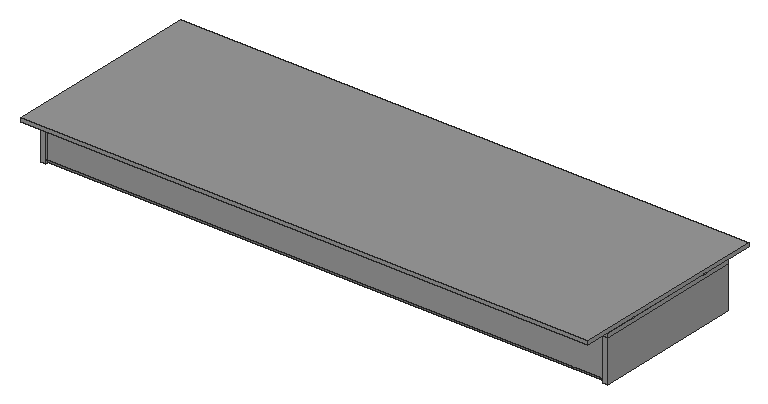
Revit family "Berica 2.1 M", category Lighting Fixtures, Revit 2020
Family settings
  Round Connector Dimension = Use Diameter
  Part Type = Normal
  OmniClass Number = 23.80.70.00
  OmniClass Title = Lighting
  Work Plane-Based = Yes
  Always vertical = No
  Cut with Voids When Loaded = No
  Light Source = No
  Shared = No
  Room Calculation Point = Yes
Parameters (values of type "Berica 2.1 asymmetrical")
  Wiring = "-"
  Width mm = 30 mm
  Weight kg = "0.90kg"
  Vertical rotation max = 0.00°
  URL Accessories and power supply units = "https://www.lucelight.it/en/prodotto.php/135446#a-scheda-accessori"
  URL = "https://www.lucelight.it/en/prodotto.php/135446"
  URL Technical sheet = ""
  URL Image = "https://www.lucelight.it/en/prodotto-foto.php/135446"
  URL IES Photometric file = "https://www.lucelight.it/media/prodotti/fotometrie/berica_2.1_ies.zip"
  URL General code = "https://www.lucelight.it/en/prodotto.php/135446#a-generacodice"
  URL Description = "https://www.lucelight.it/en/capitolato.php/135446"
  URL DXF = "https://www.lucelight.it/media/prodotti/dxf/berica_2.1.dxf"
  URL Catalogue = ""
  Power supply unit = "built-in"
  Power supply = "230Vac"
  Power cables = "-"
  Power = "27W"
  Optics = "asymmetrical"
  No. and type of led = "64 mid power LEDs, 3-step MacAdam, 50 000h L80 B10 (Ta 25°C)"
  Model = "Berica 2.1"
  Manufacturer = "L&L Luce&Light"
  Light source = Light Source Berica 2.1 : asymmetrical
  Horizontal rotation max = 0.00°
  Notes = "-"
  Mounting = "surface mounted (wall)"
  Material = "body and cover in anticorodal aluminium"
  Lumen output at source = "1640 lm (3000K) per beam"
  Description = "Wall mounted for indoor applications, double beam"
  Default Elevation = 1219.2 mm
  Body = L&L_Anticorodal aluminium
  Length mm = 340 mm
  LED Colour = "3000K"
  IP = "IP40"
  Height mm = 120 mm
  Features = "-"
  Energy efficiency class = "A A+ A++"
  Delivered lumen output = "1340 lm (3000K, 45°x96°) per beam"
  Cutout dimensions = "-"
  Control system = "ON/OFF, DALI"
  Contact = "T: +39 0444 360571; E: lucelight@lucelight.it"
  Company = "L&L Luce&Light"
  Code = "-"
  CRI = "CRI>90"
  Apparent Load Phase 1 = 4.5 W
Types (4, lengths in mm): name | Optics | Light source
  Berica 2.1 L 45°x96° | "45°x96°" | Light Source Berica 2.1 : L 45°x96°
  Berica 2.1 K 57°x90° | "57°x90°" | Light Source Berica 2.1 : K 57°x90°
  Berica 2.1 diffuse | "diffuse" | Light Source Berica 2.1 : diffuse
  Berica 2.1 asymmetrical | "asymmetrical" | Light Source Berica 2.1 : asymmetrical
Reference planes
  plane 1 "Light Source Axis (F/B)": y = 0
  plane 2: z = 0
  plane 3 "Light Source Axis (L/R)": x = 0
  plane 4 "Light Source Elevation": z = 30
  plane 5: y = 100
  plane 6: z = 40
  plane 7: z = 46
Lines and regions (mm)
  reference lines
    curve 1: line (0, -42.904, 45) -> (0, -42.904, 29)
Dimensions and locks
  plane 1 "Light Source Axis (F/B)" to plane 5 = 100 mm
  level to plane 4 "Light Source Elevation" = 30 mm
  aligned and locked: level to plane 2
Nested families
  nested 1: "Light Source Berica 2.1" at (0.157, 0, 13) x (1, 0, 0) z (0, 1, 0), type <- "Light source", type "asymmetrical"
  nested 2: "Berica 2.1" at (0, 0, 0), Body <- "Body", type "Berica 2.1_mod"
    with Body L&L_Anticorodal aluminium
Connectors
  electrical at (0, 0, 0), driven by "Apparent Load Phase 1"
    settings: index 1, voltage 500 V, apparent load 0 VA, apparent load phase1 4.5 VA, apparent load phase2 0 VA, apparent load phase3 0 VA, power factor 1, load classification "Lighting", number of poles 1, system type 31, power factor state 1, is connector primary yes, connector utility no, sub classification motor no, connector description ""
Definition of nested family "Berica 2.1"
  Parameters (values of type "Berica 2.1_mod")
    Default Elevation = 1219.2 mm
    Body [instance] = none
  Reference planes
    plane 1 "Light Source Axis (F/B)": y = 0
    plane 2: z = 0
    plane 3 "Light Source Axis (L/R)": x = 0
    plane 4 "Light Source Elevation": z = 40.4
    plane 5: y = 60
    plane 6: y = -60
    plane 7: x = -45
    plane 8: x = 45
    plane 9: y = 45
    plane 10: y = -45
    plane 11: y = 26
    plane 12: y = 28
    plane 13: y = -26
    plane 14: y = -28
    plane 15: x = 115
    plane 16: x = -85
    plane 17: y = 44.2
  Forms (mm)
    Extrusion 1, solid, material <- "Body", detail levels medium+fine
      sketch origin (-23.469, 36.076, 1199) x (0, 1, 0) y (0, 0, 1)
        loop
          line (23.924, -1171) -> (23.924, -1169) -> (-96.076, -1169) -> (-96.076, -1171) -> (23.924, -1171)
      from -146.531 to 193.469
    Extrusion 2, solid, material <- "Body", detail levels fine
      sketch origin (-45, 97.983, 1200.148) x (0, 1, 0) y (0, 0, 1)
        loop
          line (-69.983, -1172.148) -> (-71.983, -1172.148) -> (-71.983, -1172.948) -> (-69.983, -1172.948) -> (-69.983, -1172.148)
        loop
          line (-125.983, -1172.148) -> (-125.983, -1172.948) -> (-123.983, -1172.948) -> (-123.983, -1172.148) -> (-125.983, -1172.148)
      from -125 to 215
    Extrusion 3, solid, material <- "Body", detail levels fine
      sketch origin (-45, 97.983, 1200) x (0, 1, 0) y (0, 0, 1)
        loop
          line (-52.983, -1172.817) -> (-142.983, -1172.817) -> (-142.983, -1174.817) -> (-52.983, -1174.817) -> (-52.983, -1172.817)
      from -125 to 215
    Extrusion 4, solid, material <- "Body", detail levels fine
      sketch origin (-45, 97.983, 1192.817) x (0, 1, 0) y (0, 0, 1)
        loop
          line (-115.483, -1170.817) -> (-115.483, -1190.817) -> (-80.483, -1190.817) -> (-80.483, -1170.817) -> (-115.483, -1170.817)
      from -40 to 160
    Extrusion 5, solid, material <- "Body", detail levels fine
      sketch origin (98.512, -45, 1200) x (1, 0, 0) y (0, 0, 1)
        loop
          line (71.488, -1200) -> (71.488, -1174.817) -> (68.488, -1174.817) -> (68.488, -1200) -> (71.488, -1200)
        loop
          line (-268.512, -1200) -> (-265.512, -1200) -> (-265.512, -1174.817) -> (-268.512, -1174.817) -> (-268.512, -1200)
      from -90 to 0
    Extrusion 6, solid, material <- "Body", detail levels fine
      sketch origin (98.512, -45, 1200) x (1, 0, 0) y (0, 0, 1)
        loop
          line (68.488, -1200) -> (68.488, -1198) -> (-265.512, -1198) -> (-265.512, -1200) -> (68.488, -1200)
      from -3.3 to -86.7
    Extrusion 7, solid, material <- "Body", detail levels coarse
      sketch origin (-23.469, 36.076, 1200) x (0, 1, 0) y (0, 0, 1)
        loop
          line (23.924, -1200) -> (23.924, -1170) -> (-96.076, -1170) -> (-96.076, -1200) -> (23.924, -1200)
      from -146.531 to 193.469
    Extrusion 8, solid, material <- "Body", detail levels medium
      sketch origin (-23.469, 36.076, 1200) x (0, 1, 0) y (0, 0, 1)
        loop
          line (8.924, -1200) -> (8.924, -1172) -> (-81.076, -1172) -> (-81.076, -1200) -> (8.924, -1200)
      from -146.531 to 193.469
    Extrusion 9, solid, material <- "Body", detail levels fine
      sketch origin (-45, 97.983, 1200) x (0, 1, 0) y (0, 0, 1)
        loop
          line (-53.783, -1174.817) -> (-56.283, -1174.817) -> (-56.283, -1200) -> (-55.426, -1200) -> (-54.329, -1199.489) -> (-53.783, -1198.317) -> (-53.783, -1174.817)
        loop
          line (-142.183, -1174.817) -> (-142.183, -1198.317) -> (-141.636, -1199.489) -> (-140.54, -1200) -> (-139.683, -1200) -> (-139.683, -1174.817) -> (-142.183, -1174.817)
      from -122 to 212
  Dimensions and locks
    level to plane 4 "Light Source Elevation" = 40.4 mm
    plane 9 to plane 1 "Light Source Axis (F/B)" = 45 mm
    plane 6 to plane 5 = 120 mm
    Extrusion 7 to Extrusion 7 = 30 mm
    aligned and locked: level to plane 2
    aligned and locked: plane 6 to Extrusion 1
    aligned and locked: Extrusion 1 to plane 5
    aligned and locked: plane 15 to Extrusion 4
    aligned and locked: Extrusion 4 to plane 16
Definition of nested family "Light Source Berica 2.1"
  Parameters (values of type "diffuse")
    Wattage = 11.0407 W
    built-in parameter 1150110 = 1 (stored number, unit not read)
    built-in parameter 1114217 = 1 (stored number, unit not read)
    Tilt Angle = -90.00°
    built-in parameter 1150109 = 1 (stored number, unit not read)
    built-in parameter 1150134 = (empty or 0)
    built-in parameter 1150113 = 1 (stored number, unit not read)
    Photometric Web File = "BERICA 2.1 D [3000K 27W 230Vac].IES"
    Lumens = 1640 lm
    built-in parameter 1150115 = 1 (stored number, unit not read)
    built-in parameter 1150105 = 130.51 (stored number, unit not read)
    built-in parameter 1150137 = (empty or 0)
    built-in parameter 1150139 = (empty or 0)
    built-in parameter 1150112 = 1 (stored number, unit not read)
    built-in parameter 1150114 = 1 (stored number, unit not read)
    built-in parameter 1150132 = 2
    built-in parameter 1150102 = (empty or 0)
    built-in parameter 1150138 = (empty or 0)
    built-in parameter 1150107 = 3000 (stored number, unit not read)
    built-in parameter 1150106 = 1.3051 (stored number, unit not read)
    built-in parameter 1150104 = 13.8 (stored number, unit not read)
    Dimming Lamp Color Temperature Shift = (empty or 0)
    Default Elevation = 1219.2 mm
    Color Filter = 16777215
    built-in parameter 1114218 = 1 (stored number, unit not read)
    built-in parameter 1150133 = 10 (stored number, unit not read)
  Types (4, lengths in mm): name | Photometric Web File
    L 45°x96° | "BERICA 2.1 L 45°x96° [3000K_27W_230Vac].IES"
    K 57°x90° | "BERICA 2.1 K 57°x90° [3000K 27W 230Vac].IES"
    asymmetrical | "BERICA 2.1 A [3000K_27W_230Vac].IES"
    diffuse | "BERICA 2.1 D [3000K 27W 230Vac].IES"
  Reference planes
    plane 1 "Light Source Axis (F/B)": y = 0
    plane 2: z = 0
    plane 3 "Light Source Axis (L/R)": x = 0
    plane 4 "Light Source Elevation": z = 0
  Dimensions and locks
    aligned and locked: plane 3 "Light Source Axis (L/R)" to imposter light
    aligned and locked: plane 1 "Light Source Axis (F/B)" to imposter light
    aligned and locked: plane 4 "Light Source Elevation" to imposter light
    aligned and locked: level to plane 2
    aligned and locked: plane 4 "Light Source Elevation" to level
